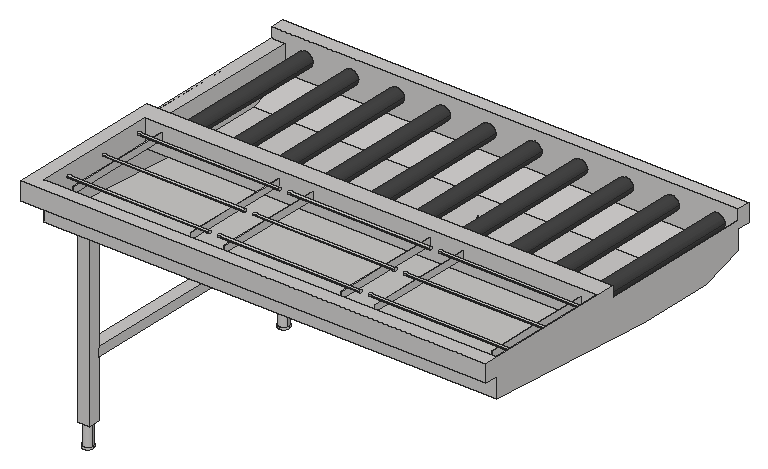
Revit family "QF_ELECTROLUXPROFESSIONAL_865260_HSMSS6RL", category Specialty Equipment, Revit 2018
Family settings
  Round Connector Dimension = Use Diameter
  Part Type = Normal
  Work Plane-Based = No
  Always vertical = Yes
  Cut with Voids When Loaded = No
  Shared = No
  Room Calculation Point = No
Parameters
  Weight = 0.00 kg
  Watts = 0 W
  Volts = 0 V
  URL Manufacturer = ""
  Steam Supply Size = 0 mm
  Steam Supply Minimum Pressure = 0.0 Pa
  Steam Supply Maximum Pressure = 0.0 Pa
  Steam Pounds per Hour = 0
  Refrigeration Suction Line Size = 0 mm
  Refrigeration Liquid Line Size = 0 mm
  Refrigerant Compressor Remote = yes
  Phase = 0
  Length Actual = 0 mm
  Item Number = ""
  Hot Water Size = 0 mm
  Height Actual = 0 mm
  HP = ""
  Gas Size = 0 mm
  Gas KW = 0
  Gas Input Pressure = 0 W
  Depth Actual = 0 mm
  Cycle = 0 Hz
  Condensate Return Size = 0 mm
  Compressed Air Volume = 0.0 L/s
  Compressed Air Size = 0 mm
  Compressed Air Pressure = 0.0 Pa
  Cold Water Size = 0 mm
  Accessory = yes
Reference planes
  plane 1: z = 0
  plane 2 "RIGHT": x = 300
  plane 3: z = 910
  plane 4: z = 0
  plane 5: z = 300
  plane 6 "BACK": y = 310
  plane 7 "FRONT": y = -800
  plane 8 "LEFT": x = -1276.3
  plane 9 "Center": y = 0
Forms (mm)
  Extrusion 1, solid, material "QF_Finishes_Stainless Steel"
    sketch origin (-976.3, 0, 0) x (1, 0, 0) y (0, 1, 0)
      loop
        line (1276.3, -800) -> (1276.3, -755) -> (-255, -755) -> (-255, -265) -> (-300, -265) -> (-300, -800) -> (1276.3, -800)
      loop
        line (1276.3, 265) -> (1276.3, 310) -> (-300, 310) -> (-300, 265) -> (1276.3, 265)
    from 850.091 to 910
  Extrusion 2, solid, material "QF_Finishes_Stainless Steel"
    sketch origin (-976.3, 0, 0) x (0, 1, 0) y (0, 0, 1)
      loop
        line (-756.248, 850.091) -> (-756.248, 781.928) -> (-131.216, 738.138) -> (130.849, 738.138) -> (266.249, 782.13) -> (266.249, 850.091) -> (265, 850.091) -> (265, 784.879) -> (130.374, 741.138) -> (-131.111, 741.138) -> (-755, 784.848) -> (-755, 850.091) -> (-756.248, 850.091)
    from -255 to 1275
  Revolve 3, solid, material "QF_Finishes_Stainless Steel"
    sketch origin (-466.3, 0.526, -123.199) x (1, 0, 0) y (0, 0, 1)
      loop
        line (76.494, 861.337) -> (0, 861.337) -> (0, 697.377) -> (21.946, 697.377) -> (23.47, 698.838) -> (23.47, 734.749) -> (37.25, 740.749) -> (37.25, 742.336) -> (38.457, 743.987) -> (38.457, 746.476)
        arc (38.457, 746.476) -> (65.844, 763.962) -> (76.494, 794.661) r 49.516
        line (76.494, 794.661) -> (76.494, 834.985)
        arc (76.494, 834.985) -> (75.887, 836.598) -> (74.377, 837.43) r 2.49
        arc (74.377, 837.43) -> (71.083, 841.301) -> (74.39, 845.16) r 3.913
        arc (74.39, 845.16) -> (75.89, 845.987) -> (76.494, 847.59) r 2.474
        line (76.494, 847.59) -> (76.494, 861.337)
      axis (0, 861.337) -> (0, 697.377)
    angle from 0 to 360
  Extrusion 4, solid, material "QF_Finishes_Stainless Steel"
    sketch origin (-976.3, 0, 0) x (1, 0, 0) y (0, 1, 0)
      loop
        line (-255, -330.124) -> (1275, -330.124) -> (1275, -265) -> (-255, -265) -> (-255, -330.124)
    from 820 to 910
  Extrusion 5, solid, material "QF_Finishes_Stainless Steel"
    sketch origin (300, 310, 0) x (0, -1, 0) y (0, 0, -1)
      loop
        line (1066.248, -781.928) -> (441.216, -738.138) -> (179.151, -738.138) -> (43.751, -782.13) -> (43.751, -850.091) -> (45, -850.091) -> (45, -875) -> (575, -875) -> (575, -910) -> (1066.248, -910) -> (1066.248, -781.928)
    from 0 to -1.3
  Extrusion 6, solid, material "QF_Finishes_Stainless Steel"
    sketch origin (-1233.3, 0, 0) x (0, 1, 0) y (0, 0, -1)
      loop
        line (-756.248, -850.091) -> (-265, -850.091) -> (-265, -875) -> (265, -875) -> (265, -850.091) -> (266.249, -850.091) -> (266.249, -782.13) -> (130.849, -738.138) -> (-131.216, -738.138) -> (-756.248, -781.928) -> (-756.248, -850.091)
    from 0 to -2
  Extrusion 7, solid, material "QF_Finishes_Stainless Steel"
    sketch origin (49.7, 0.054, -599.081) x (-1, 0, 0) y (0, -1, 0)
      loop
        line (1283, -266.195) -> (1323, -266.195) -> (1323, 521.792) -> (1283, 521.792) -> (1283, -266.195)
    from 869.081 to 899.081
  Extrusion 8, solid, material "QF_Finishes_Black"
    sketch origin (-976.3, -2.5, 0) x (1, 0, 0) y (0, 0, -1)
      loop
        circle (1207.529, -850.047) r 25
      loop
        circle (1052.523, -850.047) r 25
      loop
        circle (897.516, -850.047) r 25
      loop
        circle (742.51, -850.047) r 25
      loop
        circle (587.503, -850.047) r 25
      loop
        circle (432.497, -850.047) r 25
      loop
        circle (277.49, -850.047) r 25
      loop
        circle (122.484, -850.047) r 25
      loop
        circle (-32.523, -850.047) r 25
      loop
        circle (-187.529, -850.047) r 25
    from -262.5 to 267.5
  Extrusion 9, solid, material "QF_Finishes_Stainless Steel"
    sketch origin (-976.3, -7.263, 2.863) x (1, 0, 0) y (0, 1, 0)
      loop
        line (-200.029, -694.438) -> (-196.981, -694.438) -> (-196.981, -322.861) -> (-200.029, -322.861) -> (-200.029, -694.438)
      loop
        line (196.981, -694.438) -> (200.029, -694.438) -> (200.029, -322.861) -> (196.981, -322.861) -> (196.981, -694.438)
      loop
        line (1220.049, -694.438) -> (1220.049, -322.861) -> (1217.001, -322.861) -> (1217.001, -694.438) -> (1220.049, -694.438)
      loop
        line (823.039, -694.438) -> (823.039, -322.861) -> (819.991, -322.861) -> (819.991, -694.438) -> (823.039, -694.438)
      loop
        line (710.007, -694.438) -> (710.007, -322.861) -> (707.023, -322.861) -> (707.023, -694.438) -> (710.007, -694.438)
      loop
        line (312.997, -694.438) -> (312.997, -322.861) -> (310.013, -322.861) -> (310.013, -694.438) -> (312.997, -694.438)
    from 860 to 881.896
  Extrusion 10, solid, material "QF_Finishes_Stainless Steel"
    sketch origin (1351.212, 265, 0) x (0, 1, 0) y (0, 0, -1)
      loop
        circle (-937.158, -888.745) r 3.985
      loop
        circle (-788.819, -888.745) r 3.985
      loop
        circle (-640.48, -888.745) r 3.985
    from 1067.5 to 1547.5
  Extrusion 11, solid, material "QF_Finishes_Stainless Steel"
    sketch origin (841.233, 265, 0) x (0, 1, 0) y (0, 0, -1)
      loop
        circle (-937.158, -888.745) r 3.985
      loop
        circle (-788.819, -888.745) r 3.985
      loop
        circle (-640.48, -888.745) r 3.985
    from 1067.5 to 1547.5
  Extrusion 12, solid, material "QF_Finishes_Stainless Steel"
    sketch origin (331.191, 265, 0) x (0, 1, 0) y (0, 0, -1)
      loop
        circle (-937.158, -888.745) r 3.985
      loop
        circle (-788.819, -888.745) r 3.985
      loop
        circle (-640.48, -888.745) r 3.985
    from 1067.5 to 1547.5
  Extrusion 13, solid, material "QF_Finishes_Stainless Steel"
    sketch origin (-1723.322, 52.5, 0) x (0, 1, 0) y (0, 0, -1)
      loop
        line (-362.5, -835) -> (-362.5, -850.091) -> (-317.5, -850.091) -> (-317.5, -875) -> (212.5, -875) -> (212.5, -850.091) -> (257.5, -850.091) -> (257.5, -835) -> (242.5, -820) -> (-347.5, -820) -> (-362.5, -835)
    from -450 to -447.022
  Extrusion 14, solid, material "QF_Finishes_Stainless Steel"
    sketch origin (1323.7, 265, 0) x (-1, 0, 0) y (0, 0, -1)
      loop
        line (2597.022, -875) -> (2597.022, -872) -> (2557, -872) -> (2557, -875) -> (2597.022, -875)
    from 0 to 530
Cuts and joins
  joined: Extrusion 1, Extrusion 2, Revolve 3, Extrusion 4, Extrusion 5, Extrusion 6, Extrusion 9, Extrusion 10, Extrusion 11, Extrusion 12, Extrusion 13, Extrusion 14
Lines and regions (mm)
  Split face 1
    outline origin (-1362.615, -0.079, 741.138) x (-1, 0, 0) y (0, -1, 0)
      loop
        circle (-896.315, -0.035) r 73.783
  Split face 2
    outline origin (-1362.615, -0.079, 741.138) x (-1, 0, 0) y (0, -1, 0)
      loop
        circle (-896.315, -0.035) r 66.01
  Split face 3
    outline origin (-1362.615, -0.079, 741.138) x (-1, 0, 0) y (0, -1, 0)
      loop
        circle (-896.315, -0.035) r 53.774
  Split face 4
    outline origin (-1362.615, -0.079, 741.138) x (-1, 0, 0) y (0, -1, 0)
      loop
        circle (-896.315, -0.035) r 50.771
  Split face 5
    outline origin (-1362.615, -0.079, 741.138) x (-1, 0, 0) y (0, -1, 0)
      loop
        circle (-896.315, -0.035) r 33.793
  Split face 6
    outline origin (-1362.615, -0.079, 741.138) x (-1, 0, 0) y (0, -1, 0)
      loop
        circle (-896.315, -0.035) r 30.826
  Split face 7
    outline origin (-1362.615, -0.079, 741.138) x (-1, 0, 0) y (0, -1, 0)
      loop
        circle (-896.315, -0.035) r 13.843
  Split face 8
    outline origin (-1362.615, -0.079, 741.138) x (-1, 0, 0) y (0, -1, 0)
      loop
        circle (-896.315, -0.035) r 10.833
  symbolic lines
    curve 1: line (300, 310, 0) -> (-1276.3, 310, 0)
    curve 2: line (300, -800, 0) -> (300, 310, 0)
    curve 3: line (-1276.3, -800, 0) -> (300, -800, 0)
    curve 4: line (-1276.3, 310, 0) -> (-1276.3, -800, 0)
    curve 5: line (300, 265, 0) -> (-1276.3, 265, 0)
    curve 6: line (-1231.3, -755, 0) -> (300, -755, 0)
    curve 7: line (300, -265, 0) -> (-1276.3, -265, 0)
    curve 8: line (-1231.3, -330.124, 0) -> (300, -330.124, 0)
    curve 9: line (283.712, -371.495, 0) -> (283.712, -379.465, 0)
    curve 10: line (283.712, -379.465, 0) -> (-196.288, -379.465, 0)
    curve 11: line (-196.288, -379.465, 0) -> (-196.288, -371.495, 0)
    curve 12: line (-196.288, -371.495, 0) -> (283.712, -371.495, 0)
    curve 13: line (283.712, -519.834, 0) -> (283.712, -527.804, 0)
    curve 14: line (283.712, -527.804, 0) -> (-196.288, -527.804, 0)
    curve 15: line (-196.288, -527.804, 0) -> (-196.288, -519.834, 0)
    curve 16: line (-196.288, -519.834, 0) -> (283.712, -519.834, 0)
    curve 17: line (283.712, -668.173, 0) -> (283.712, -676.143, 0)
    curve 18: line (283.712, -676.143, 0) -> (-196.288, -676.143, 0)
    curve 19: line (-196.288, -676.143, 0) -> (-196.288, -668.173, 0)
    curve 20: line (-196.288, -668.173, 0) -> (283.712, -668.173, 0)
    curve 21: line (243.749, -330.124, 0) -> (243.749, -371.495, 0)
    curve 22: line (240.701, -330.124, 0) -> (240.701, -371.495, 0)
    curve 23: line (243.749, -379.465, 0) -> (243.749, -519.834, 0)
    curve 24: line (243.749, -701.7, 0) -> (243.749, -676.143, 0)
    curve 25: line (243.749, -701.7, 0) -> (240.701, -701.7, 0)
    curve 26: line (240.701, -701.7, 0) -> (240.701, -676.143, 0)
    curve 27: line (243.749, -668.173, 0) -> (243.749, -527.804, 0)
    curve 28: line (240.701, -527.804, 0) -> (240.701, -668.173, 0)
    curve 29: line (240.701, -519.834, 0) -> (240.701, -379.465, 0)
    curve 30: line (-153.261, -330.124, 0) -> (-153.261, -371.495, 0)
    curve 31: line (-156.308, -330.124, 0) -> (-156.308, -371.495, 0)
    curve 32: line (-153.261, -379.465, 0) -> (-153.261, -519.834, 0)
    curve 33: line (-153.261, -701.7, 0) -> (-153.261, -676.143, 0)
    curve 34: line (-153.261, -701.7, 0) -> (-156.308, -701.7, 0)
    curve 35: line (-156.308, -701.7, 0) -> (-156.308, -676.143, 0)
    curve 36: line (-153.261, -668.173, 0) -> (-153.261, -527.804, 0)
    curve 37: line (-156.308, -527.804, 0) -> (-156.308, -668.173, 0)
    curve 38: line (-156.308, -519.834, 0) -> (-156.308, -379.465, 0)
    curve 39: line (-226.267, -371.495, 0) -> (-226.267, -379.465, 0)
    curve 40: line (-226.267, -379.465, 0) -> (-706.267, -379.465, 0)
    curve 41: line (-706.267, -379.465, 0) -> (-706.267, -371.495, 0)
    curve 42: line (-706.267, -371.495, 0) -> (-226.267, -371.495, 0)
    curve 43: line (-226.267, -519.834, 0) -> (-226.267, -527.804, 0)
    curve 44: line (-226.267, -527.804, 0) -> (-706.267, -527.804, 0)
    curve 45: line (-706.267, -527.804, 0) -> (-706.267, -519.834, 0)
    curve 46: line (-706.267, -519.834, 0) -> (-226.267, -519.834, 0)
    curve 47: line (-226.267, -668.173, 0) -> (-226.267, -676.143, 0)
    curve 48: line (-226.267, -676.143, 0) -> (-706.267, -676.143, 0)
    curve 49: line (-706.267, -676.143, 0) -> (-706.267, -668.173, 0)
    curve 50: line (-706.267, -668.173, 0) -> (-226.267, -668.173, 0)
    curve 51: line (-266.229, -330.124, 0) -> (-266.229, -371.495, 0)
    curve 52: line (-269.277, -330.124, 0) -> (-269.277, -371.495, 0)
    curve 53: line (-266.229, -379.465, 0) -> (-266.229, -519.834, 0)
    curve 54: line (-266.229, -701.7, 0) -> (-266.229, -676.143, 0)
    curve 55: line (-266.229, -701.7, 0) -> (-269.277, -701.7, 0)
    curve 56: line (-269.277, -701.7, 0) -> (-269.277, -676.143, 0)
    curve 57: line (-266.229, -668.173, 0) -> (-266.229, -527.804, 0)
    curve 58: line (-269.277, -527.804, 0) -> (-269.277, -668.173, 0)
    curve 59: line (-269.277, -519.834, 0) -> (-269.277, -379.465, 0)
    curve 60: line (-663.239, -330.124, 0) -> (-663.239, -371.495, 0)
    curve 61: line (-666.287, -330.124, 0) -> (-666.287, -371.495, 0)
    curve 62: line (-663.239, -379.465, 0) -> (-663.239, -519.834, 0)
    curve 63: line (-663.239, -701.7, 0) -> (-663.239, -676.143, 0)
    curve 64: line (-663.239, -701.7, 0) -> (-666.287, -701.7, 0)
    curve 65: line (-666.287, -701.7, 0) -> (-666.287, -676.143, 0)
    curve 66: line (-663.239, -668.173, 0) -> (-663.239, -527.804, 0)
    curve 67: line (-666.287, -527.804, 0) -> (-666.287, -668.173, 0)
    curve 68: line (-666.287, -519.834, 0) -> (-666.287, -379.465, 0)
    curve 69: line (-736.309, -371.495, 0) -> (-736.309, -379.465, 0)
    curve 70: line (-736.309, -379.465, 0) -> (-1216.309, -379.465, 0)
    curve 71: line (-1216.309, -379.465, 0) -> (-1216.309, -371.495, 0)
    curve 72: line (-1216.309, -371.495, 0) -> (-736.309, -371.495, 0)
    curve 73: line (-736.309, -519.834, 0) -> (-736.309, -527.804, 0)
    curve 74: line (-736.309, -527.804, 0) -> (-1216.309, -527.804, 0)
    curve 75: line (-1216.309, -527.804, 0) -> (-1216.309, -519.834, 0)
    curve 76: line (-1216.309, -519.834, 0) -> (-736.309, -519.834, 0)
    curve 77: line (-736.309, -668.173, 0) -> (-736.309, -676.143, 0)
    curve 78: line (-736.309, -676.143, 0) -> (-1216.309, -676.143, 0)
    curve 79: line (-1216.309, -676.143, 0) -> (-1216.309, -668.173, 0)
    curve 80: line (-1216.309, -668.173, 0) -> (-736.309, -668.173, 0)
    curve 81: line (-776.271, -330.124, 0) -> (-776.271, -371.495, 0)
    curve 82: line (-779.319, -330.124, 0) -> (-779.319, -371.495, 0)
    curve 83: line (-776.271, -379.465, 0) -> (-776.271, -519.834, 0)
    curve 84: line (-776.271, -701.7, 0) -> (-776.271, -676.143, 0)
    curve 85: line (-776.271, -701.7, 0) -> (-779.319, -701.7, 0)
    curve 86: line (-779.319, -701.7, 0) -> (-779.319, -676.143, 0)
    curve 87: line (-776.271, -668.173, 0) -> (-776.271, -527.804, 0)
    curve 88: line (-779.319, -527.804, 0) -> (-779.319, -668.173, 0)
    curve 89: line (-779.319, -519.834, 0) -> (-779.319, -379.465, 0)
    curve 90: line (-1173.281, -330.124, 0) -> (-1173.281, -371.495, 0)
    curve 91: line (-1176.329, -330.124, 0) -> (-1176.329, -371.495, 0)
    curve 92: line (-1173.281, -379.465, 0) -> (-1173.281, -519.834, 0)
    curve 93: line (-1173.281, -701.7, 0) -> (-1173.281, -676.143, 0)
    curve 94: line (-1173.281, -701.7, 0) -> (-1176.329, -701.7, 0)
    curve 95: line (-1176.329, -701.7, 0) -> (-1176.329, -676.143, 0)
    curve 96: line (-1173.281, -668.173, 0) -> (-1173.281, -527.804, 0)
    curve 97: line (-1176.329, -527.804, 0) -> (-1176.329, -668.173, 0)
    curve 98: line (-1176.329, -519.834, 0) -> (-1176.329, -379.465, 0)
    curve 99: line (256.229, 265, 0) -> (256.229, -265, 0)
    curve 100: line (206.229, -265, 0) -> (206.229, 265, 0)
    curve 101: line (101.223, 265, 0) -> (101.223, -265, 0)
    curve 102: line (51.223, -265, 0) -> (51.223, 265, 0)
    curve 103: line (-53.784, 265, 0) -> (-53.784, -265, 0)
    curve 104: line (-103.784, -265, 0) -> (-103.784, 265, 0)
    curve 105: line (-208.79, 265, 0) -> (-208.79, -265, 0)
    curve 106: line (-258.79, -265, 0) -> (-258.79, 265, 0)
    curve 107: line (-363.797, 265, 0) -> (-363.797, -265, 0)
    curve 108: line (-413.797, -265, 0) -> (-413.797, 265, 0)
    curve 109: line (-518.803, 265, 0) -> (-518.803, -265, 0)
    curve 110: line (-568.803, -265, 0) -> (-568.803, 265, 0)
    curve 111: line (-673.81, 265, 0) -> (-673.81, -265, 0)
    curve 112: line (-723.81, -265, 0) -> (-723.81, 265, 0)
    curve 113: line (-828.816, 265, 0) -> (-828.816, -265, 0)
    curve 114: line (-878.816, -265, 0) -> (-878.816, 265, 0)
    curve 115: line (-983.823, 265, 0) -> (-983.823, -265, 0)
    curve 116: line (-1033.823, -265, 0) -> (-1033.823, 265, 0)
    curve 117: line (-1138.829, 265, 0) -> (-1138.829, -265, 0)
    curve 118: line (-1188.829, -265, 0) -> (-1188.829, 265, 0)
    curve 119: line (-1231.3, -755, 0) -> (-1231.3, -330.124, 0)
    curve 120: line (-1231.3, 265, 0) -> (-1231.3, -265, 0)
    curve 121: line (300, 0, 0) -> (270, 0, 0)
    curve 122: line (-1276.3, 0, 0) -> (-1246.3, 0, 0)
    curve 123: arc (-542.796, 0.526, 0) -> (-466.3, -75.97, 0) -> (-389.804, 0.526, 0) r 76.496
    curve 124: arc (-389.804, 0.526, 0) -> (-466.3, 77.021, 0) -> (-542.796, 0.526, 0) r 76.496
Dimensions and locks
  plane 3 to level = 910 mm
  plane 8 "LEFT" to plane 2 "RIGHT" = 1576.3 mm
  aligned and locked: level to plane 1
Nested families
  nested 1: "Foot_40x40" at (-1253.3, -541.738, 0), type "Foot_40x40"
    with A 850.091 mm
  nested 2: "Foot_40x40" at (-1253.3, 286.249, 0), type "Foot_40x40"
    with A 850.091 mm
Connectors
  piping at (-466.3, 0.526, 574.178), diameter 30
    settings: on cut or joined group of Extrusion 1, Extrusion 2, Revolve 3, Extrusion 4, Extrusion 5, Extrusion 6, Extrusion 9, Extrusion 10, Extrusion 11, Extrusion 12, Extrusion 13, Extrusion 14, index 1, connector inside diameter 609.6 mm, connector length 0 mm, flow factor 0, pipe flow 0.0 L/s, pressure drop 0.0 Pa, fitting loss kfactor 0, connector angle 0.00°, fixture units 0, engagement length 0 mm, angle of deflection 0.00°, flow configuration 1, flow direction 2, fitting loss method 0, system type 16, joint type 0, gender type 0, connector reference index -1, connector utility 0, adjustable connector no, is connector primary yes, connector description "Drain"
Definition of nested family "Foot_40x40"
  Parameters
    A [instance] = 850 mm
  Reference planes
    plane 1 "Centro (Fronte/Retro)": y = 0
    plane 2: z = 0
    plane 3 "Centro (Sinistra/Destra)": x = 0
    plane 4: z = 850
  Forms (mm)
    Extrusion 1, solid
      sketch origin (0, 0, 0) x (1, 0, 0) y (0, 1, 0)
        loop
          circle (0, 0) r 18
      from 0 to 5
    Extrusion 2, solid
      sketch origin (0, 0, 5) x (1, 0, 0) y (0, 1, 0)
        loop
          circle (0, 0) r 15
      from 0 to 70
    Extrusion 3, solid
      sketch origin (0, 0, 75) x (1, 0, 0) y (0, 1, 0)
        loop
          line (-20, 20) -> (-20, -20) -> (20, -20) -> (20, 20) -> (-20, 20)
      from 0 to 775
  Dimensions and locks
    "A": plane 4 to plane 2
    aligned and locked: level to plane 2
    aligned and locked: plane 4 to Extrusion 3
    aligned and locked: Extrusion 1 to level
  Automatic sketch dimensions
    plane 1 "Centro (Fronte/Retro)" to Extrusion 1 sketch curve = 0 mm
    Extrusion 1 sketch curve to plane 3 "Centro (Sinistra/Destra)" = 0 mm
    Extrusion 3 sketch curve to Extrusion 3 sketch curve = 40 mm  (x2)
    radius of Extrusion 1 sketch curve = 18 mm
    radius of Extrusion 2 sketch curve to Extrusion 1 = 3 mm
